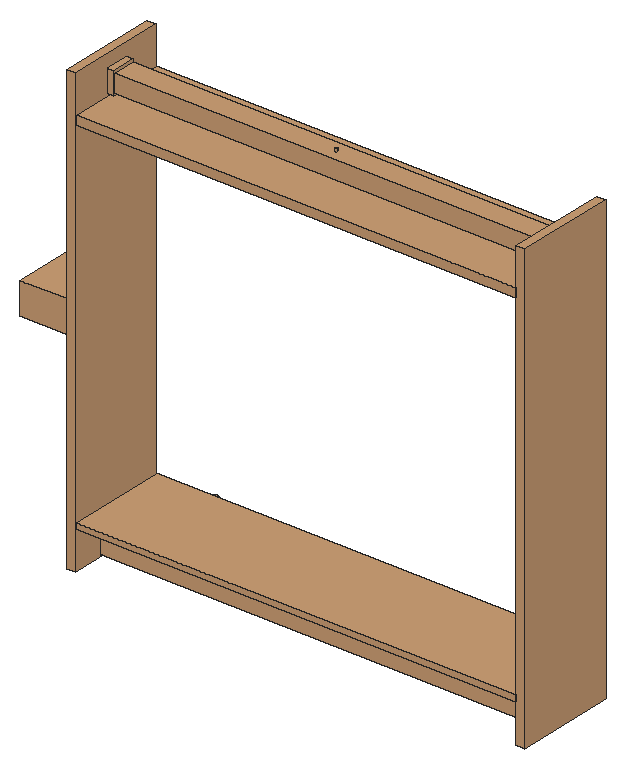
Revit family
Parameters
  Center of Unit = 0' - 0"  # constant formula
  Total Heating Capacity [instance] = 0.0 Btu/h
  Series = "VIFB"
  Outlet Area = 52.20 SF
  Lower Frame Thickness = if(Headers Height = 0' 3", 0' 1 1/4", if(Headers Height = 0' 3 1/4", 0' 1 1/4", 0' 0"))  # 0' - 1 1/4"
  Water Pressure Drop [instance] = 0.00 psi
  Water Flow [instance] = 0 GPM
  Unit Weight (lbs) = 1383
  URL = "http://www.ljwing.com/"
  Water Outlet Radius = 0' - 1 1/2"
  Headers Height = if(M = 0' 1", 0' 3", if(M = 0' 1 1/2", 0' 3 1/4", 0' 0"))  # 0' - 3 1/4"
  Number of Rows = 2  # constant formula
  Number of Coils [instance] = 0
  Nominal Length = 8' - 4 1/2"
  N = 1' - 0 3/4"
  Model = "VE-9W"
  Manufacturer = "LJ Wing"
  M = 0' - 1 1/2"
  Leaving Water Temperature [instance] = 0 °F
  Leaving Air Temperature [instance] = 0 °F
  Entering Water Temperature [instance] = 0 °F
  Entering Air Temperature [instance] = 0 °F
  Description = "Vertical Integral Face & Bypass Water Heating Coils"
  Hot Water Inlet  Radius = 0' - 1 1/2"
  Coil Face Area = Outlet Area * 0.56  # 29.232 SF
  Casing Material = ""
  Assembly Code = "D3020300"
  Air Vent Radius = 0' - 0 1/4"
  Air Pressure Drop [instance] = 0.00 in-wg
  Air Inlet Width = Nominal Length - 0' 4"  # 8' - 0 1/2"
  Air Inlet Height = Y  # 6' - 6"
  Air Flow [instance] = 0 CFM
  Y = 6' - 6"
  S = 0' - 9 3/4"  # constant formula
  Product URL = "http://www.ljwing.com/html/vifb.asp"
  OmniClass = "23-75 70 21 14"
  Nominal Height = 8' - 2"
  Nominal Depth = 1' - 10"
  R = 0' - 10 1/4"  # constant formula
  Q = 0' - 5 1/4"
Reference planes (in)
  plane 1 "Center (Front/Back)": y = 0
  plane 2: z = -39
  plane 3 "Center (Left/Right)": x = 0
  plane 4: z = 49.25
  plane 5: x = -50.25
  plane 6: x = 50.25
  plane 7: z = -48.75
  plane 8: z = 0
  plane 9: y = -11
  plane 10: y = 11
  plane 11: z = 39
  plane 12: z = 41
  plane 13: z = -40.25
  plane 14: x = 48.25
  plane 15: x = -48.25
  plane 16: x = -45
  plane 17: x = 45
  plane 18: y = 14.0625
  plane 19: x = -61.25
  plane 20: z = 46.125
  plane 21: z = 42.125
  plane 22: y = -2.5
  plane 23: y = 2.5
  plane 24: y = -4.5
  plane 25: z = -46.375
  plane 26: x = -37.5
  plane 27: x = 37.5
  plane 28: z = -42.375
Forms (in)
  Extrusion 1, solid, material "Painted Finish"
    sketch origin (0, 6, -9.75) x (1, 0, 0) y (0, 0, 1)
      loop
        line (-50.25, -39) -> (-48.25, -39) -> (-48.25, 59) -> (-50.25, 59) -> (-50.25, -39)
      loop
        line (50.25, -39) -> (50.25, 59) -> (48.25, 59) -> (48.25, -39) -> (50.25, -39)
    from -5 to 17
  Extrusion 2, solid, material "Painted Finish"
    sketch origin (0, 6, 0) x (1, 0, 0) y (0, 0, 1)
      loop
        line (48.25, -39) -> (-48.25, -39) -> (-48.25, -40.25) -> (48.25, -40.25) -> (48.25, -39)
      loop
        line (48.25, 39) -> (48.25, 41) -> (-48.25, 41) -> (-48.25, 39) -> (48.25, 39)
    from -5 to 17
  Extrusion 3, solid, material "Painted Finish"
    sketch origin (0, 10, -0.5) x (1, 0, 0) y (0, 0, 1)
      loop
        line (-50.25, 4) -> (-61.25, 4) -> (-61.25, -3) -> (-50.25, -3) -> (-50.25, 4)
    from 0 to 20
  Extrusion 4, solid, material "Painted Finish"
    sketch origin (0, 6, 0) x (1, 0, 0) y (0, 0, 1)
      loop
        line (-46.625, 46.125) -> (-46.625, 42.125) -> (46.625, 42.125) -> (46.625, 46.125) -> (-46.625, 46.125)
    from 3.5 to 8.5
  Extrusion 5, solid, material "Painted Finish"
    sketch origin (0, 0, 0) x (1, 0, 0) y (0, 0, 1)
      loop
        line (-46.625, 41.625) -> (-46.625, 46.625) -> (-48.25, 46.625) -> (-48.25, 41.625) -> (-46.625, 41.625)
      loop
        line (48.25, 41.625) -> (48.25, 46.625) -> (46.625, 46.625) -> (46.625, 41.625) -> (48.25, 41.625)
    from -2.5 to 2.5
  Extrusion 6, solid, material "Painted Finish"
    sketch origin (0, 6, 0) x (1, 0, 0) y (0, 0, 1)
      loop
        line (-47.75, -40.75) -> (-47.75, -40.5) -> (-48.25, -40.5) -> (-48.25, -44.25) -> (-47.75, -44.25) -> (-47.75, -44) -> (47.75, -44) -> (47.75, -44.25) -> (48.25, -44.25) -> (48.25, -40.5) -> (47.75, -40.5) -> (47.75, -40.75) -> (-47.75, -40.75)
      loop
        line (47.75, -48) -> (47.75, -48.125) -> (48.25, -48.125) -> (48.25, -44.5) -> (47.75, -44.5) -> (47.75, -44.75) -> (-47.75, -44.75) -> (-47.75, -44.5) -> (-48.25, -44.5) -> (-48.25, -48.25) -> (-47.75, -48.25) -> (-47.75, -48) -> (47.75, -48)
    from -5 to 10.5
  Extrusion 7, void
    sketch origin (0, 0, 0) x (1, 0, 0) y (0, 0, 1)
      loop
        line (-48.25, 39) -> (-48.25, -39) -> (48.25, -39) -> (48.25, 39) -> (-48.25, 39)
    from -11 to 11
  Extrusion 8, solid, material "Painted Finish"
    sketch origin (0, 0, 0) x (1, 0, 0) y (0, 0, 1)
      loop
        circle (37.5, -46.375) r 1.5
      loop
        circle (-37.5, -42.375) r 1.5
    from -14.0625 to -11
  Extrusion 9, solid, material "Painted Finish"
    sketch origin (0, 0, 0) x (1, 0, 0) y (0, 1, 0)
      loop
        circle (0, 0) r 0.25
    from 46.125 to 46.625
Cuts and joins
  Extrusion 7 cuts Extrusion 1
  Extrusion 7 cuts Extrusion 2
Dimensions and locks (in)
  "Nominal Length": plane 6 to plane 5
  equal spacing: plane 6, plane 3 "Center (Left/Right)", plane 5
  "S": plane 2 to plane 7
  "Nominal Depth": plane 10 to plane 9
  equal spacing: plane 10, plane 1 "Center (Front/Back)", plane 9
  "Y": plane 11 to plane 2
  "R": plane 4 to plane 11
  locked: plane 12 to plane 11 at 2
  "Lower Frame Thickness": plane 2 to plane 13
  "Q": plane 16 to plane 5
  "Q": plane 6 to plane 17
  locked: plane 18 to plane 10 at 3.0625
  locked: plane 5 to plane 19 at 11
  locked: Extrusion 3 sketch curve to Extrusion 3 sketch curve at 7
  locked: Extrusion 3 to Extrusion 3 at 20
  locked: plane 6 to plane 14 at 2
  locked: plane 15 to plane 5 at 2
  locked: Extrusion 5 sketch curve to plane 20 at 0.5
  locked: plane 21 to Extrusion 5 sketch curve at 0.5
  locked: plane 20 to plane 21 at 4
  locked: plane 23 to plane 22 at 5
  equal spacing: plane 23, plane 1 "Center (Front/Back)", plane 22
  locked: plane 22 to plane 24 at 2
  plane 4 to plane 7 = 8' - 2"
  locked: Extrusion 5 sketch curve to Extrusion 1 at 1.625
  locked: Extrusion 5 sketch curve to Extrusion 5 sketch curve at 1.625
  locked: Extrusion 7 sketch curve to plane 11 at 0
  locked: Extrusion 7 sketch curve to plane 15 at 0
  locked: Extrusion 7 sketch curve to plane 14 at 0
  locked: plane 15 to Extrusion 6 sketch curve at 0.5
  locked: Extrusion 6 sketch curve to Extrusion 6 sketch curve at 0.25  (x2)
  locked: plane 25 to plane 7 at 2.375
  "N": plane 26 to plane 5
  "N": plane 6 to plane 27
  locked: plane 28 to plane 7 at 6.375
  "Headers Height": Extrusion 6 sketch curve to Extrusion 6 sketch curve  (x2)
  locked: Extrusion 8 sketch curve to plane 25 at 0
  locked: Extrusion 8 sketch curve to plane 28 at 0
  locked: Extrusion 9 sketch curve to plane 1 "Center (Front/Back)" at 0
  locked: Extrusion 9 sketch curve to plane 3 "Center (Left/Right)" at 0
  equal spacing: Extrusion 6 sketch curve, plane 28, Extrusion 6 sketch curve
  equal spacing: Extrusion 6 sketch curve, plane 25, Extrusion 6 sketch curve
  locked: plane 4 to plane 20 at 3.125
  locked: Extrusion 7 sketch curve to plane 2 at 0
  equal spacing: plane 11, plane 8, plane 2
  locked: Extrusion 8 sketch curve to plane 27 at 0
  locked: Extrusion 8 sketch curve to plane 26 at 0
  "M": radius of Extrusion 8 sketch curve  (x2)
  "Air Vent Radius": radius of Extrusion 9 sketch curve
  aligned and locked: Extrusion 1 to plane 9
  aligned and locked: Extrusion 1 to plane 10
  aligned and locked: Extrusion 1 to plane 15
  aligned and locked: Extrusion 1 to plane 14
  aligned and locked: Extrusion 2 to plane 9
  aligned and locked: plane 9 to Extrusion 1
  aligned and locked: plane 10 to Extrusion 1  (x2)
  aligned and locked: Extrusion 2 to plane 10
  aligned and locked: plane 10 to Extrusion 2  (x2)
  aligned and locked: plane 9 to Extrusion 2  (x2)
  aligned and locked: plane 5 to Extrusion 3
  aligned and locked: Extrusion 5 sketch curve to plane 15
  aligned and locked: Extrusion 5 sketch curve to Extrusion 4
  aligned and locked: Extrusion 1 to Extrusion 6
  aligned and locked: plane 22 to Extrusion 5
  aligned and locked: Extrusion 5 to Extrusion 4  (x2)
  aligned and locked: Extrusion 5 to plane 23
  aligned and locked: Extrusion 6 to plane 24
  aligned and locked: Extrusion 4 to Extrusion 5  (x2)
  aligned and locked: Extrusion 5 to Extrusion 1  (x2)
  aligned and locked: Extrusion 1 to Extrusion 7  (x2)
  aligned and locked: plane 18 to Extrusion 8
  aligned and locked: Extrusion 8 to plane 10
  aligned and locked: plane 20 to Extrusion 9
  aligned and locked: Extrusion 9 to Extrusion 5
  aligned and locked: plane 2 to cut or joined group of Extrusion 2, Extrusion 7
  aligned and locked: Extrusion 1 sketch curve to plane 6
  aligned and locked: Extrusion 1 sketch curve to plane 14
  aligned and locked: Extrusion 1 sketch curve to plane 15
  aligned and locked: Extrusion 1 sketch curve to plane 5
  aligned and locked: Extrusion 1 sketch curve to plane 4  (x2)
  aligned and locked: plane 7 to Extrusion 1 sketch curve  (x2)
  aligned and locked: Extrusion 2 sketch curve to plane 11
  aligned and locked: Extrusion 2 sketch curve to plane 12
  aligned and locked: plane 2 to Extrusion 2 sketch curve
  aligned and locked: Extrusion 2 sketch curve to plane 13
  aligned and locked: plane 14 to Extrusion 2 sketch curve
  aligned and locked: plane 15 to Extrusion 2 sketch curve
  aligned and locked: Extrusion 2 sketch curve to plane 15
  aligned and locked: Extrusion 2 sketch curve to plane 14
  aligned and locked: plane 20 to Extrusion 4 sketch curve
  aligned and locked: Extrusion 4 sketch curve to plane 21
  aligned and locked: plane 14 to Extrusion 6 sketch curve  (x2)
  aligned and locked: Extrusion 6 sketch curve to plane 15  (x2)
Automatic sketch dimensions
  Extrusion 3 sketch curve to plane 19 = 0' - 0"
  Extrusion 3 sketch curve to plane 5 = 0' - 0"
  plane 8 to Extrusion 3 sketch curve = 0' - 3 1/2"
  Extrusion 4 sketch curve to plane 16 = 0' - 1 5/8"
  plane 17 to Extrusion 4 sketch curve = 0' - 1 5/8"
  plane 21 to Extrusion 5 sketch curve = 0' - 0 1/2"
  Extrusion 5 sketch curve to plane 20 = 0' - 0 1/2"
  plane 15 to Extrusion 6 sketch curve = 0' - 0 1/2"  (x2)
  Extrusion 6 sketch curve to Extrusion 6 sketch curve = 0' - 0 1/4"  (x5)
  Extrusion 6 sketch curve to Extrusion 6 sketch curve = 0' - 0"  (x2)
  Extrusion 6 sketch curve to plane 14 = 0' - 0 1/2"  (x2)
  Extrusion 6 sketch curve to Extrusion 6 sketch curve = 0' - 0 1/2"
  Extrusion 6 sketch curve to plane 7 = 0' - 0 5/8"
Connectors (in)
  hvac at (0, -11, 0), driven by "Air Inlet Height", driven by "Air Inlet Width", driven by "Air Flow", driven by "Air Pressure Drop"
    settings: on Extrusion 7, index 1
  hvac at (0, 11, 0), driven by "Air Pressure Drop", driven by "Air Inlet Height", driven by "Air Inlet Width", driven by "Air Flow"
    settings: on Extrusion 7, index 2
  piping at (-37.5, 14.0625, -42.375), driven by "M", driven by "Water Flow", driven by "Water Pressure Drop"
    settings: on Extrusion 8, index 4
  piping at (37.5, 14.0625, -46.375), driven by "Water Pressure Drop", driven by "Water Flow", driven by "M"
    settings: on Extrusion 8, index 5
